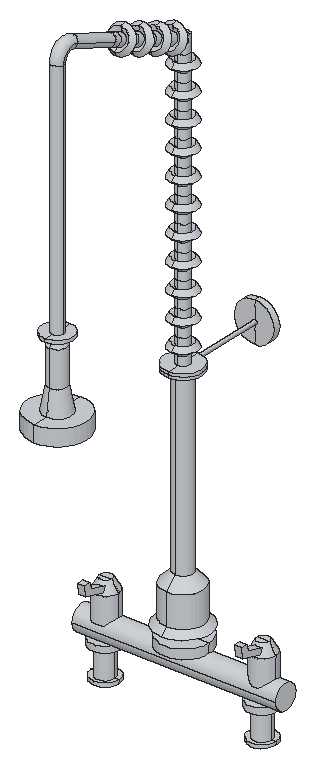
Revit family "FHS031", category Modelos genéricos, Revit 2014
Parameters
  Modelo = "FHS031"  # constant formula
  Fabricante = "Enware"  # constant formula
  Author = "Yepsketch"  # constant formula
Reference planes
  plane 1 "Centro (Frontal/Posterior)": y = 0
  plane 2: z = 0
  plane 3 "Centro (Izquierda/Derecha)": x = 0
  plane 4: y = -155
  plane 5: y = -410
  plane 6: y = -155
Forms (mm)
  Revolve 1, solid
    sketch origin (0, 0, 0) x (0, 1, 0) y (0, 0, 1)
      loop
        line (-155, 0) -> (-155, -4.258) -> (-125, -4.258) -> (-125, 0) -> (-125, 5) -> (-155, 5) -> (-155, 0)
      axis (-155, 5) -> (-155, -4.258)
    angle from 0 to 360
  Revolve 2, solid
    sketch origin (0, 0, 0) x (0, 1, 0) y (0, 0, 1)
      loop
        line (0, 0) -> (0, 32.5) -> (-10, 32.5) -> (-10, 3.156) -> (-125, 3.156) -> (-125, 0) -> (0, 0)
      axis (0, 0) -> (-125, 0)
    angle from 0 to 360
  Revolve 3, solid
    sketch origin (0, 0, 15) x (0, 1, 0) y (0, 0, 1)
      loop
        line (-155, -389.909) -> (-111.785, -389.909) -> (-122.071, -379.624) -> (-122.071, -329.624) -> (-139.749, -311.946) -> (-139.749, -20) -> (-155, -20) -> (-155, -389.909)
      axis (-155, -20) -> (-155, -389.909)
    angle from 0 to 360
  Sweep 4, solid
    path origin (0, 0, 0) x (0, 1, 0) y (0, 0, 1)
      loop
        line (-410, 162.5) -> (-410, 552.887)
        arc (-410, 552.887) -> (-401.194, 569.461) -> (-382.53, 571.439) r 20
        line (-382.53, 571.439) -> (-304.621, 540.069)
    profile origin (0, -410, 357.693) x (0, -1, 0) y (1, 0, 0)
      loop
        circle (0, 0) r 10
  Revolve 5, solid
    sketch origin (0, 0, 0) x (0, 1, 0) y (0, 0, 1)
      loop
        line (-155, 5) -> (-145, 5) -> (-145, 20) -> (-132.713, 28.604) -> (-138.448, 36.795) -> (-145, 32.208) -> (-145, 46.152) -> (-145, 61.152) -> (-132.713, 69.755) -> (-138.448, 77.947) -> (-145, 73.359) -> (-145, 87.303) -> (-145, 102.303) -> (-132.713, 110.907) -> (-138.448, 119.099) -> (-145, 114.511) -> (-145, 128.455) -> (-145, 143.455) -> (-132.713, 152.059) -> (-138.448, 160.25) -> (-145, 155.663) -> (-145, 169.607) -> (-145, 184.607) -> (-132.713, 193.21) -> (-138.448, 201.402) -> (-145, 196.815) -> (-145, 210.759) -> (-145, 225.759) -> (-132.713, 234.362) -> (-138.448, 242.554) -> (-145, 237.966) -> (-145, 251.91) -> (-145, 266.91) -> (-132.713, 275.514) -> (-138.448, 283.705) -> (-145, 279.118) -> (-145, 293.062) -> (-145, 308.062) -> (-132.713, 316.666) -> (-138.448, 324.857) -> (-145, 320.27) -> (-145, 334.214) -> (-145, 349.214) -> (-132.713, 357.817) -> (-138.448, 366.009) -> (-145, 361.421) -> (-145, 375.365) -> (-145, 390.365) -> (-132.713, 398.969) -> (-138.448, 407.16) -> (-145, 402.573) -> (-145, 416.517) -> (-145, 431.517) -> (-132.713, 440.121) -> (-138.448, 448.312) -> (-145, 443.725) -> (-145, 457.669) -> (-145, 483.305) -> (-155, 483.305) -> (-155, 5)
      axis (-155, 483.305) -> (-155, 5)
    angle from 0 to 360
  Revolve 6, solid
    sketch origin (0, 0, 0) x (0, 1, 0) y (0, 0, 1)
      loop
        line (-155, 476.559) -> (-151.093, 485.764) -> (-164.9, 491.625) -> (-167.505, 506.397) -> (-177.353, 504.66) -> (-175.876, 496.284) -> (-197.118, 505.3) -> (-199.723, 520.072) -> (-209.571, 518.336) -> (-208.094, 509.959) -> (-219.178, 514.664) -> (-232.986, 520.525) -> (-235.59, 535.297) -> (-245.438, 533.561) -> (-243.961, 525.184) -> (-255.046, 529.889) -> (-268.853, 535.75) -> (-271.458, 550.522) -> (-281.306, 548.786) -> (-279.829, 540.409) -> (-290.914, 545.114) -> (-302.007, 549.823) -> (-304.621, 540.069) -> (-155, 476.559)
      axis (-305.914, 540.618) -> (-155, 476.559)
    angle from 0 to 360
  Revolve 7, solid
    sketch origin (0, 0, 22.5) x (0, 1, 0) y (0, 0, 1)
      loop
        line (-410, 140) -> (-410, -1.695) -> (-362.924, -1.695) -> (-362.924, 24.165) -> (-387.924, 24.165) -> (-394.87, 63.557) -> (-394.87, 120.905) -> (-400, 135) -> (-385, 135) -> (-385, 140) -> (-410, 140)
      axis (-410, 140) -> (-410, -1.695)
    angle from 0 to 360
  Revolve 8, solid
    sketch origin (0, -152.5, 11.25) x (1, 0, 0) y (0, 0, 1)
      loop
        line (-15, -386.695) -> (-15, -401.695) -> (-40, -401.695) -> (-40, -416.695) -> (0, -416.695) -> (0, -386.695) -> (-15, -386.695)
      axis (0, -386.695) -> (0, -416.695)
    angle from 0 to 360
  Extrusion 9, solid
    sketch origin (0, 0.902, 24.785) x (0, 1, 0) y (0, 0, 1)
      loop
        circle (-155, -448.205) r 20
    from -164.628 to 165.372
  Revolve 10, solid
    sketch origin (0, -153.087, 12.039) x (1, 0, 0) y (0, 0, 1)
      loop
        line (-126.486, -364.126) -> (-136.486, -364.126) -> (-146.486, -381.446) -> (-146.486, -424.126) -> (-126.486, -424.126) -> (-126.486, -364.126)
      axis (-126.486, -424.126) -> (-126.486, -364.126)
    angle from 0 to 360
  Revolve 11, solid
    sketch origin (255, -152.298, 10.461) x (1, 0, 0) y (0, 0, 1)
      loop
        line (-126.486, -364.126) -> (-136.486, -364.126) -> (-146.486, -381.446) -> (-146.486, -424.126) -> (-126.486, -424.126) -> (-126.486, -364.126)
      axis (-126.486, -424.126) -> (-126.486, -364.126)
    angle from 0 to 360
  Extrusion 12, solid
    sketch origin (0, 0, 11.25) x (0, 1, 0) y (0, 0, 1)
      loop
        line (-164.538, -369.243) -> (-193.212, -361.021) -> (-194.948, -351.173) -> (-205.905, -351.173) -> (-202.96, -367.872) -> (-169.316, -377.519) -> (-164.538, -369.243)
    from 124.473 to 136.035
  Extrusion 13, solid
    sketch origin (-255, 0, 11.25) x (0, 1, 0) y (0, 0, 1)
      loop
        line (-164.538, -369.243) -> (-193.212, -361.021) -> (-194.948, -351.173) -> (-205.905, -351.173) -> (-202.96, -367.872) -> (-169.316, -377.519) -> (-164.538, -369.243)
    from 124.473 to 136.035
  Revolve 14, solid
    sketch origin (0, -155, 3.75) x (1, 0, 0) y (0, 0, 1)
      loop
        line (-126.486, -442.087) -> (-151.486, -442.087) -> (-151.486, -452.087) -> (-141.486, -452.087) -> (-141.486, -497.087) -> (-148.986, -497.087) -> (-148.986, -502.087) -> (-126.486, -502.087) -> (-126.486, -442.087)
      axis (-126.486, -442.087) -> (-126.486, -502.087)
    angle from 0 to 360
  Revolve 15, solid
    sketch origin (255, -155, 3.75) x (1, 0, 0) y (0, 0, 1)
      loop
        line (-126.486, -442.087) -> (-151.486, -442.087) -> (-151.486, -452.087) -> (-141.486, -452.087) -> (-141.486, -497.087) -> (-148.986, -497.087) -> (-148.986, -502.087) -> (-126.486, -502.087) -> (-126.486, -442.087)
      axis (-126.486, -442.087) -> (-126.486, -502.087)
    angle from 0 to 360
Lines and regions (mm)
  symbolic lines
    curve 1: line (0, -520, 590.805) -> (0, -520, -409.195)
    curve 2: line (0, -425, -409.195) -> (0, -425, 20.805)
Dimensions and locks
  aligned and locked: level to plane 2
